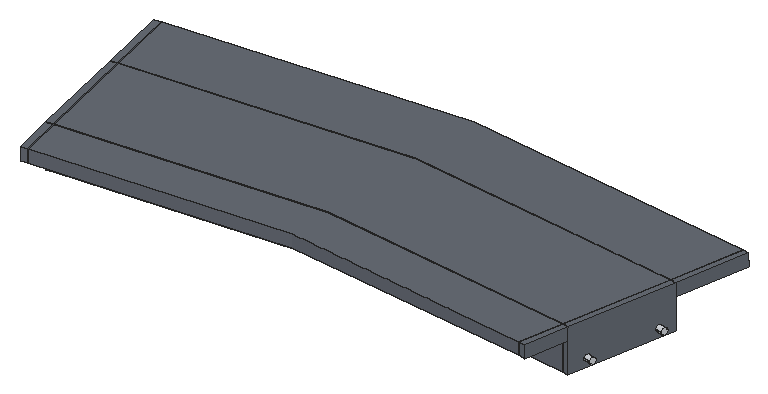
Revit family
Parameters (values of type "PL07 08 5/3")
  Width = 397 mm
  URL = "http://www.meinertz.com/pictures_org/prodk.pdf"
  Thermal Performance = Length * Thermal Performance Constant / 1000 mm  # 318.9473
  Thermal Performance Index = 8
  Actual Width 3 = if(Flip Convector Side, Count Grill Side 2 * 24 mm + 13 mm, Count Grill Side 1 * 24 mm + 13 mm)  # 133 mm
  Actual Width 2 = (Count Grill Main - 1) * 24 mm + 11 mm  # 179 mm
  Actual Width 1 = if(Flip Convector Side, Count Grill Side 1 * 24 mm + 13 mm, Count Grill Side 2 * 24 mm + 13 mm)  # 85 mm
  Actual Width = Actual Width 1 + Actual Width 2 + Actual Width 3  # 397 mm
  R = ((K ^ 2) / (8 * H) + (H / 2))  # 2525 mm
  Width Outer Side = Width - Width Inner Side - Width Convector  # 74 mm
  Model = "PL07 08 5/3"
  Manufacturer = "Meinertz"  # constant formula
  Length = 2 * 3.14 * R * Alpha / Full Circle  # 1006.143 mm
  Keynote = "PL07 08 5/3"
  Width Inner Side = 144 mm
  Full Circle = 360.00°  # constant formula
  Count Grill Side 2 = Count Grill Total - Count Grill Main - Count Grill Side 1  # 3
  Center Rad 2 = Center Rad + Actual Width 2  # 2392 mm
  GoGetNo = 6947  # constant formula
  Depth Outer = if(Flip Convector Side, 20 mm, 70 mm)  # 70 mm
  K = 1000 mm
  Inner rad = R - Actual Width  # 2128 mm
  H = 50 mm
  Grill = RAL 7024
  Frame = RAL 7024
  Depth Inside = if(Flip Convector Side, 70 mm, 20 mm)  # 20 mm
  Depth = 100 mm
  Count Grill Total = (Width - 13 mm) / 24 mm  # 16
  Count Grill Side 1 = (Width Inner Side - 13 mm) / 24 mm  # 5
  Count Grill Main = (Width Convector - 11 mm) / 24 mm + 1  # 8
  Flip Convector Side = no
  Width Convector = 179 mm
  Center Rad = Inner rad + Actual Width 1  # 2213 mm
  Thermal Performance Constant = if(Thermal Performance Index = 3, 145, if(Thermal Performance Index = 4, 191, if(Thermal Performance Index = 5, 231, if(Thermal Performance Index = 6, 262, if(Thermal Performance Index = 7, 287, if(Thermal Performance Index = 8, 317, if(Thermal Performance Index = 9, 339, if(Thermal Performance Index = 10, 359, if(Thermal Performance Index = 11, 382, if(Thermal Performance Index = 12, 404, if(Thermal Performance Index = 13, 424, 444)))))))))))  # 317
  Alpha = 2 * acos((R - H) / R)  # 22.8424°
Types (8, lengths in mm): name | Width | Thermal Performance | Thermal Performance Index | Actual Width 3 | Actual Width 2 | Actual Width 1 | Actual Width | Width Outer Side | Model | Keynote | Width Inner Side | Count Grill Side 2 | Center Rad 2 | Inner rad | Count Grill Total | Count Grill Side 1 | Count Grill Main | Width Convector | Center Rad | Thermal Performance Constant
  (no name) | 397 | 318.9473 | 8 | 133 | 179 | 85 | 397 | 74 | "PL07 08 5/3" | "PL07 08 5/3" | 144 | 3 | 2392 | 2128 | 16 | 5 | 8 | 179 | 2213 | 317
  PL07 08 5/3 | 397 | 318.9473 | 8 | 133 | 179 | 85 | 397 | 74 | "PL07 08 5/3" | "PL07 08 5/3" | 144 | 3 | 2392 | 2128 | 16 | 5 | 8 | 179 | 2213 | 317
  PL07 09 5/4 | 445 | 341.0825 | 9 | 133 | 203 | 109 | 445 | 98 | "PL07 09 5/4" | "PL07 09 5/4" | 144 | 4 | 2392 | 2080 | 18 | 5 | 9 | 203 | 2189 | 339
  PL07 10 5/5 | 493 | 361.2054 | 10 | 133 | 227 | 133 | 493 | 122 | "PL07 10 5/5" | "PL07 10 5/5" | 144 | 5 | 2392 | 2032 | 20 | 5 | 10 | 227 | 2165 | 359
  PL07 11 6/5 | 541 | 384.3466 | 11 | 157 | 251 | 133 | 541 | 122 | "PL07 11 6/5" | "PL07 11 6/5" | 168 | 5 | 2368 | 1984 | 22 | 6 | 11 | 251 | 2117 | 382
  PL07 12 6/6 | 589 | 406.4818 | 12 | 157 | 275 | 157 | 589 | 146 | "PL07 12 6/6" | "PL07 12 6/6" | 168 | 6 | 2368 | 1936 | 24 | 6 | 12 | 275 | 2093 | 404
  PL07 13 7/6 | 637 | 426.6047 | 13 | 181 | 299 | 157 | 637 | 146 | "PL07 13 7/6" | "PL07 13 7/6" | 192 | 6 | 2344 | 1888 | 26 | 7 | 13 | 299 | 2045 | 424
  PL07 14 7/7 | 685 | 446.7275 | 14 | 181 | 323 | 181 | 685 | 170 | "PL07 14 7/7" | "PL07 14 7/7" | 192 | 7 | 2344 | 1840 | 28 | 7 | 14 | 323 | 2021 | 444
Reference planes
  plane 1 "Center (Front/Back)": y = 0
  plane 2: z = 0
  plane 3 "Center (Left/Right)": x = 50.803
  plane 4: x = 550.803
  plane 5: x = -449.197
  plane 6: y = 50
  plane 7: z = -100
  plane 8: y = -2475
  plane 9: z = -20
  plane 10: z = -70
  plane 11: z = -98
Forms (mm)
  Extrusion 1, void
    sketch origin (0, 0, 0) x (1, 0, 0) y (0, 1, 0)
      loop
        line (-449.197, 0) -> (-370.583, -389.139)
        arc (-370.583, -389.139) -> (50.803, -347) -> (472.189, -389.139) r 2128
        line (472.189, -389.139) -> (550.803, 0)
        arc (550.803, 0) -> (50.803, 50) -> (-449.197, 0) r 2525
    from 0 to -100
  Extrusion 2, solid, material "RAL 7024" <- "Grill"
    sketch origin (0, 0, 0) x (1, 0, 0) y (0, 1, 0)
      loop
        line (-363.864, -301.197) -> (-349.606, -371.775)
        arc (-349.606, -371.775) -> (50.803, -334) -> (451.212, -371.775) r 2141
        line (451.212, -371.775) -> (465.47, -301.197)
        arc (465.47, -301.197) -> (50.803, -262) -> (-363.864, -301.197) r 2213
      loop
        arc (-399.312, -125.732) -> (50.803, -83) -> (500.918, -125.732) r 2392
        line (500.918, -125.732) -> (524.681, -8.102)
        arc (524.681, -8.102) -> (50.803, 37) -> (-423.075, -8.102) r 2512
        line (-423.075, -8.102) -> (-399.312, -125.732)
    from 0 to -20
  Extrusion 3, solid, material "RAL 7024" <- "Grill"
    sketch origin (0, 0, 0) x (1, 0, 0) y (0, 1, 0)
      loop
        line (-399.312, -125.732) -> (-363.864, -301.197)
        arc (-363.864, -301.197) -> (50.803, -262) -> (465.47, -301.197) r 2213
        line (465.47, -301.197) -> (500.918, -125.732)
        arc (500.918, -125.732) -> (50.803, -83) -> (-399.312, -125.732) r 2392
    from 0 to -70
  Extrusion 4, solid, material "RAL 7024" <- "Frame"
    sketch origin (0, 0, 0) x (1, 0, 0) y (0, 1, 0)
      loop
        line (-374.665, -303.285) -> (-360.407, -373.86)
        arc (-360.407, -373.86) -> (-355.008, -372.811) -> (-349.606, -371.775) r 2141
        line (-349.606, -371.775) -> (-363.864, -301.197)
        arc (-363.864, -301.197) -> (-369.266, -302.234) -> (-374.665, -303.285) r 2213
      loop
        line (-433.873, -10.201) -> (-410.111, -127.827)
        arc (-410.111, -127.827) -> (-404.712, -126.773) -> (-399.312, -125.732) r 2392
        line (-399.312, -125.732) -> (-423.075, -8.102)
        arc (-423.075, -8.102) -> (-428.476, -9.146) -> (-433.873, -10.201) r 2512
      loop
        arc (476.271, -303.285) -> (470.872, -302.234) -> (465.47, -301.197) r 2213
        line (465.47, -301.197) -> (451.212, -371.775)
        arc (451.212, -371.775) -> (456.614, -372.811) -> (462.013, -373.86) r 2141
        line (462.013, -373.86) -> (476.271, -303.285)
      loop
        arc (535.48, -10.201) -> (530.082, -9.146) -> (524.681, -8.102) r 2512
        line (524.681, -8.102) -> (500.918, -125.732)
        arc (500.918, -125.732) -> (506.319, -126.773) -> (511.717, -127.827) r 2392
        line (511.717, -127.827) -> (535.48, -10.201)
    from 0 to -20
  Extrusion 5, solid, material "RAL 7024" <- "Frame"
    sketch origin (0, 0, 0) x (1, 0, 0) y (0, 1, 0)
      loop
        line (-410.111, -127.827) -> (-374.665, -303.285)
        arc (-374.665, -303.285) -> (-369.266, -302.234) -> (-363.864, -301.197) r 2213
        line (-363.864, -301.197) -> (-399.312, -125.732)
        arc (-399.312, -125.732) -> (-404.712, -126.773) -> (-410.111, -127.827) r 2392
      loop
        line (500.918, -125.732) -> (465.47, -301.197)
        arc (465.47, -301.197) -> (470.872, -302.234) -> (476.271, -303.285) r 2213
        line (476.271, -303.285) -> (511.717, -127.827)
        arc (511.717, -127.827) -> (506.319, -126.773) -> (500.918, -125.732) r 2392
    from 0 to -70
  Extrusion 6, solid
    sketch origin (511.717, -127.827, 0) x (-0.19802, -0.980198, 0) y (0, 0, -1)
      loop
        circle (149.003, 55) r 4.8
      loop
        circle (30, 55) r 4.8
    from 0 to 13
  Extrusion 7, solid
    sketch origin (-410.111, -127.827, 0) x (0.19802, -0.980198, 0) y (0, 0, 1)
      loop
        circle (30, -55) r 4.8
      loop
        circle (149.003, -55) r 4.8
    from 0 to 13
Lines and regions (mm)
  reference lines
    curve 1: arc (-449.197, 0, 0) -> (50.803, 50, 0) -> (550.803, 0, 0) r 2525
    curve 2: arc (-370.583, -389.139, 0) -> (50.803, -347, 0) -> (472.189, -389.139, 0) r 2128
    curve 3: line (-449.197, 0, 0) -> (50.803, -2475, 0)
    curve 4: line (550.803, 0, 0) -> (50.803, -2475, 0)
    curve 5: arc (-387.415, -305.822, 0) -> (50.803, -262, 0) -> (489.021, -305.822, 0) r 2213
    curve 6: arc (-422.86, -130.366, 0) -> (50.803, -83, 0) -> (524.466, -130.366, 0) r 2392
    curve 7: line (538.054, 2.541, 0) -> (50.803, -2409.35, 0)
    curve 8: line (527.256, 4.641, 0) -> (40.071, -2406.922, 0)
    curve 9: line (-436.448, 2.541, 0) -> (63.546, -2472.426, 0)
    curve 10: line (-425.65, 4.641, 0) -> (74.328, -2470.248, 0)
    curve 11: arc (-375.336, -365.614, 0) -> (50.803, -323, 0) -> (476.942, -365.614, 0) r 2152
    curve 12: arc (-444.444, -23.525, 0) -> (50.803, 26, 0) -> (546.051, -23.525, 0) r 2501
    curve 13: arc (-446.623, -12.743, 0) -> (50.803, 37, 0) -> (548.229, -12.743, 0) r 2512
    curve 14: arc (-373.157, -376.396, 0) -> (50.803, -334, 0) -> (474.763, -376.396, 0) r 2141
Dimensions and locks
  equal spacing: plane 5, plane 3 "Center (Left/Right)", plane 4
  "K": plane 5 to plane 4
  "H": plane 1 "Center (Front/Back)" to plane 6
  "Depth": plane 2 to plane 7
  "R": plane 6 to plane 8
  locked: plane 11 to plane 7 at 2
  curve 3 to curve 9 to curve 10 = 13 mm locked, 11 mm locked  (x2)
  curve 8 to curve 7 to curve 4 = 11 mm locked, 13 mm locked  (x2)
  locked: curve 1 to curve 12 at 24  (x2)
  locked: curve 2 to curve 11 at 24  (x2)
  locked: curve 2 to curve 14 at 13  (x2)
  locked: curve 1 to curve 13 at 13  (x2)
  locked: Extrusion 6 sketch curve to Extrusion 4 at 35  (x2)
  locked: Extrusion 6 sketch curve to Extrusion 5 at 30
  locked: Extrusion 5 to Extrusion 6 sketch curve at 30
  locked: Extrusion 7 sketch curve to Extrusion 5 at 30
  locked: Extrusion 5 to Extrusion 7 sketch curve at 30
  locked: Extrusion 7 sketch curve to Extrusion 4 at 35  (x2)
  "Center Rad": radius of curve 5
  "Center Rad 2": radius of curve 6
  "R": radius of curve 1
  "Inner rad": radius of curve 2
  aligned and locked: Extrusion 1 sketch curve to curve 1
  aligned and locked: Extrusion 1 sketch curve to curve 2
  aligned and locked: Extrusion 1 sketch curve to curve 3
  aligned and locked: Extrusion 1 sketch curve to curve 4
  aligned and locked: Extrusion 1 to plane 7
  aligned and locked: plane 2 to Extrusion 1
  aligned and locked: curve 10 to Extrusion 2 sketch curve  (x2)
  aligned and locked: curve 8 to Extrusion 2 sketch curve  (x2)
  aligned and locked: Extrusion 2 sketch curve to curve 6
  aligned and locked: Extrusion 2 sketch curve to curve 5
  aligned and locked: Extrusion 3 sketch curve to curve 6
  aligned and locked: Extrusion 3 sketch curve to curve 5
  aligned and locked: curve 10 to Extrusion 3 sketch curve
  aligned and locked: curve 8 to Extrusion 3 sketch curve
  aligned and locked: curve 9 to Extrusion 4 sketch curve  (x2)
  aligned and locked: curve 10 to Extrusion 4 sketch curve  (x2)
  aligned and locked: Extrusion 4 sketch curve to curve 13
  aligned and locked: curve 7 to Extrusion 4 sketch curve  (x2)
  aligned and locked: curve 8 to Extrusion 4 sketch curve  (x2)
  aligned and locked: Extrusion 4 sketch curve to curve 14  (x2)
  aligned and locked: Extrusion 4 sketch curve to curve 5  (x2)
  aligned and locked: Extrusion 4 sketch curve to curve 6  (x2)
  aligned and locked: Extrusion 5 sketch curve to curve 6  (x2)
  aligned and locked: Extrusion 5 sketch curve to curve 5  (x2)
  aligned and locked: curve 9 to Extrusion 5 sketch curve
  aligned and locked: curve 10 to Extrusion 5 sketch curve
  aligned and locked: curve 8 to Extrusion 5 sketch curve
  aligned and locked: curve 7 to Extrusion 5 sketch curve
  aligned and locked: Extrusion 2 sketch curve to curve 13
  aligned and locked: Extrusion 2 sketch curve to curve 14
Automatic sketch dimensions
  curve 1 to curve 2 = 0 mm
  curve 1 to curve 5 = 0 mm  (x2)
  curve 1 to curve 6 = 0 mm  (x2)
  curve 1 to curve 11 = 0 mm
  curve 1 to curve 12 = 0 mm
  curve 11 to curve 13 = 0 mm
  curve 1 to plane 1 "Center (Front/Back)" = 0 mm
  curve 1 to plane 5 = 0 mm
  curve 4 to plane 3 "Center (Left/Right)" = 0 mm
  curve 6 to plane 3 "Center (Left/Right)" = 0 mm
  curve 7 to plane 3 "Center (Left/Right)" = 0 mm
  curve 3 to plane 8 = 0 mm
  curve 8 to plane 3 "Center (Left/Right)" = 10.732 mm
  curve 9 to plane 8 = 2.574 mm
  curve 10 to plane 8 = 4.752 mm
  curve 1 to curve 14 = 0 mm  (x2)
  Extrusion 4 sketch curve to Extrusion 4 sketch curve = 0 mm  (x2)
  plane 1 "Center (Front/Back)" to Extrusion 4 sketch curve = 8.102 mm
  radius of Extrusion 6 sketch curve = 4.8 mm  (x2)
  radius of Extrusion 7 sketch curve = 4.8 mm  (x2)
Connectors
  piping at (494.954, -276.453, -55)
    settings: on Extrusion 6, index 1, connector radius 4.8 mm, flow factor 0, pipe flow 0.0 L/s, pressure drop 0.0 Pa, fitting loss kfactor 0, connector angle 0.00°, fixture units 0, flow configuration 1, flow direction 1, fitting loss method 0, system type 22, connector reference index -1, connector utility 0, adjustable connector no, is connector primary yes, fitting loss table "", connector description ""
  piping at (518.519, -159.807, -55)
    settings: on Extrusion 6, index 2, connector radius 4.8 mm, flow factor 0, pipe flow 0.0 L/s, pressure drop 0.0 Pa, fitting loss kfactor 0, connector angle 0.00°, fixture units 0, flow configuration 1, flow direction 2, fitting loss method 0, system type 22, connector reference index -1, connector utility 0, adjustable connector no, is connector primary no, fitting loss table "", connector description ""
  piping at (-416.913, -159.807, -55)
    settings: on Extrusion 7, index 3, connector radius 4.8 mm, flow factor 0, pipe flow 0.0 L/s, pressure drop 0.0 Pa, fitting loss kfactor 0, connector angle 0.00°, fixture units 0, flow configuration 1, flow direction 1, fitting loss method 0, system type 22, connector reference index -1, connector utility 0, adjustable connector no, is connector primary no, fitting loss table "", connector description ""
  piping at (-393.348, -276.453, -55)
    settings: on Extrusion 7, index 4, connector radius 4.8 mm, flow factor 0, pipe flow 0.0 L/s, pressure drop 0.0 Pa, fitting loss kfactor 0, connector angle 0.00°, fixture units 0, flow configuration 1, flow direction 2, fitting loss method 0, system type 22, connector reference index -1, connector utility 0, adjustable connector no, is connector primary no, fitting loss table "", connector description ""
